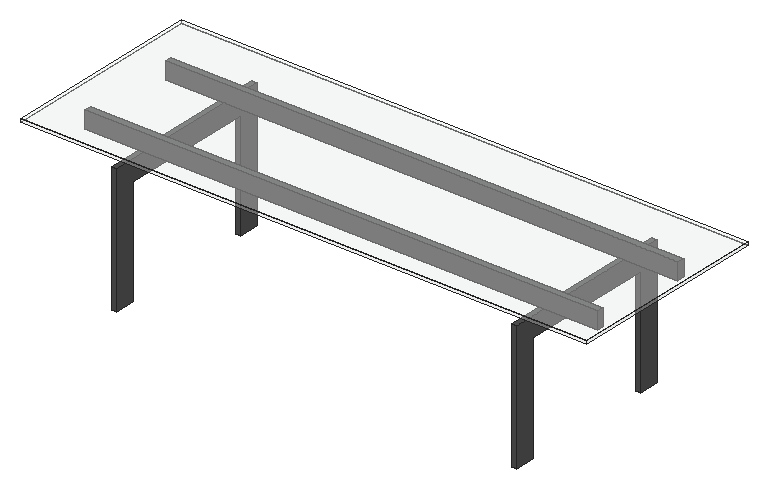
Revit family
Parameters (values of type "0762 x 2134mm")
  Base Material = Metal - Chrome
  Height = 560.00 mm
  Length = 2134.00 mm
  Top Material = Glass - Clear, Grey
  Width = 762.00 mm
Types (4, lengths in mm): name | Height | Length | Width
  (no name) | 560.00 | 2134.00 | 762.00
  0762 x 2134mm | 560.00 | 2134.00 | 762.00
  0762 x 1525mm | 560.00 | 1525.00 | 762.00
  0915 x 1830mm | 610.00 | 1830.00 | 915.00
Reference planes
  plane 1 "Center (Front/Back)": y = 95.211
  plane 2: z = 0
  plane 3 "Center (Left/Right)": x = 18.266
  plane 4 "Front": y = -285.789
  plane 5 "Left": x = -1048.734
  plane 6 "Right": x = 1085.266
  plane 7 "Back": y = 476.211
  plane 8 "Top": z = 560
Forms (mm)
  Extrusion 1, solid, material "Glass - Clear, Grey" <- "Top Material"
    sketch origin (0, 0, 560) x (-1, 0, 0) y (0, -1, 0)
      loop
        line (1048.734, -476.211) -> (1048.734, 285.789) -> (-1085.266, 285.789) -> (-1085.266, -476.211) -> (1048.734, -476.211)
    from 0 to -12.7
  Extrusion 2, solid, material "Metal - Chrome" <- "Base Material"
    sketch origin (-1048.734, 0, 0) x (0, 0, -1) y (0, -1, 0)
      loop
        line (0, -425.411) -> (0, -349.211) -> (-407.6, -349.211) -> (-407.6, 158.789) -> (0, 158.789) -> (0, 234.989) -> (-483.8, 234.989) -> (-483.8, -425.411) -> (0, -425.411)
    from -304.8 to -323.85
  Extrusion 3, solid, material "Metal - Chrome" <- "Base Material"
    sketch origin (1085.266, 0, 0) x (0, 0, -1) y (0, -1, 0)
      loop
        line (0, -349.211) -> (-407.6, -349.211) -> (-407.6, 158.789) -> (0, 158.789) -> (0, 234.989) -> (-483.8, 234.989) -> (-483.8, -425.411) -> (0, -425.411) -> (0, -349.211)
    from 304.8 to 323.85
  Extrusion 4, solid, material "Metal - Chrome" <- "Base Material"
    sketch origin (0, 0, 560) x (-1, 0, 0) y (0, -1, 0)
      loop
        line (947.134, -297.782) -> (947.134, -272.382) -> (-983.666, -272.382) -> (-983.666, -297.782) -> (947.134, -297.782)
      loop
        line (947.134, 82.589) -> (947.134, 107.989) -> (-983.666, 107.989) -> (-983.666, 82.589) -> (947.134, 82.589)
    from -12.7 to -76.2
Lines and regions (mm)
  Masking region 1
    outline origin (0, 0, 0) x (1, 0, 0) y (0, 1, 0)
      loop
        line (-1048.734, 476.211) -> (-1048.734, -285.789) -> (1085.266, -285.789) -> (1085.266, 476.211) -> (-1048.734, 476.211)
Dimensions and locks
  equal spacing: plane 5 "Left", plane 3 "Center (Left/Right)", plane 6 "Right"
  "Length": plane 5 "Left" to plane 6 "Right"
  equal spacing: plane 4 "Front", plane 1 "Center (Front/Back)", plane 7 "Back"
  "Width": plane 4 "Front" to plane 7 "Back"
  "Height": plane 2 to plane 8 "Top"
  locked: plane 7 "Back" to Extrusion 2 sketch curve at 50.8
  locked: Extrusion 2 sketch curve to plane 4 "Front" at 50.8
  locked: Extrusion 2 sketch curve to plane 8 "Top" at 76.2
  locked: Extrusion 3 sketch curve to plane 8 "Top" at 76.2
  aligned and locked: level to plane 2
  aligned and locked: Extrusion 3 sketch curve to Extrusion 2  (x2)
  aligned and locked: plane 7 "Back" to Masking region 1 sketch curve
  aligned and locked: Masking region 1 sketch curve to plane 4 "Front"
  aligned and locked: Masking region 1 sketch curve to plane 5 "Left"
  aligned and locked: plane 6 "Right" to Masking region 1 sketch curve
Automatic sketch dimensions
  Extrusion 1 sketch curve to plane 6 "Right" = 0.00 mm
  Extrusion 1 sketch curve to plane 4 "Front" = 0.00 mm
  Extrusion 1 sketch curve to plane 5 "Left" = 0.00 mm
  Extrusion 1 sketch curve to plane 7 "Back" = 0.00 mm
  Extrusion 2 sketch curve to level = 0.00 mm  (x2)
  Extrusion 2 sketch curve to Extrusion 2 sketch curve = 76.20 mm  (x3)
  plane 6 "Right" to Extrusion 4 sketch curve = 101.60 mm  (x2)
  Extrusion 4 sketch curve to plane 5 "Left" = 101.60 mm  (x2)
  Extrusion 4 sketch curve to plane 1 "Center (Front/Back)" = 202.571 mm
  Extrusion 4 sketch curve to Extrusion 4 sketch curve = 25.40 mm  (x2)
  plane 1 "Center (Front/Back)" to Extrusion 4 sketch curve = 177.80 mm
  Extrusion 3 sketch curve to level = 0.00 mm  (x2)
  plane 7 "Back" to Extrusion 3 sketch curve = 50.80 mm
  Extrusion 3 sketch curve to Extrusion 3 sketch curve = 76.20 mm
  Extrusion 3 sketch curve to plane 4 "Front" = 50.80 mm
